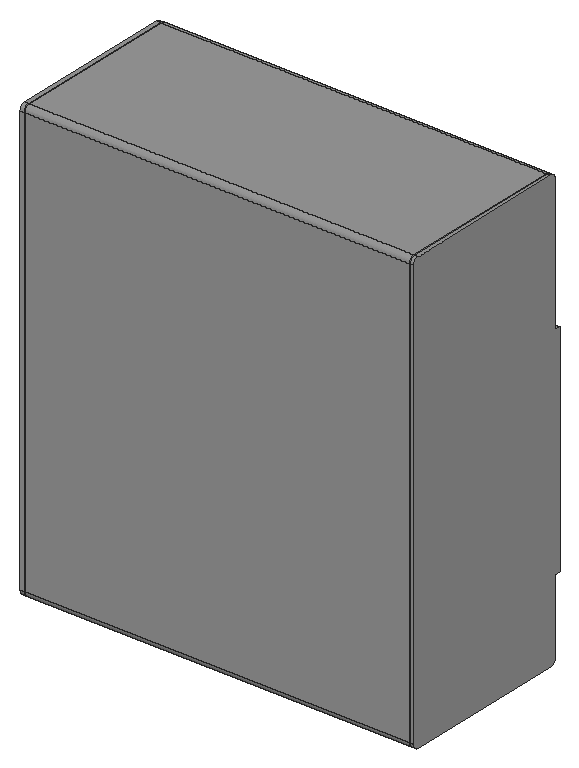
Revit family "L&L_LUCE&LIGHT_PASITO_1.0", category Lighting Fixtures, host Wall, Revit 2018 (continued)
Types (2, lengths in mm): name | Photometric Web File | built-in parameter 1150142
    5 130.26 \r\n133.28 136.21 139.34 142.55 145.45 147.94 150.12 151.86 \r\n153.23 154.66 156.40 158.35 160.48 162.80 165.27 167.78 \r\n170.36 173.10 175.88 178.65 181.43 184.22 186.89 189.08 \r\n190.46 190.70 189.94 189.10 189.24 190.21 190.22 188.54 \r\n183.41 166.82 139.31 106.90 74.90 47.08 25.48 11.05 6.36 \r\n5.67 5.17 4.80 4.59 4.35 4.10 3.74 3.47 3.37 3.29 3.21 \r\n3.07 2.91 2.74 2.60 2.48 2.38 2.28 2.19 2.11 2.03 1.95 \r\n1.88 1.81 1.75 1.68 1.62 1.55 1.49 1.43 1.36 1.30 1.24 \r\n1.19 1.14 1.09 1.04 1.00 0.96 0.92 0.88 0.85 0.82 0.79 \r\n0.77 0.74 0.72 0.69 0.68 0.66 0.64 0.62 0.61 0.59 0.58 \r\n0.56 0.55 0.54 0.53 0.51 0.50 0.49 0.48 0.46 0.45 0.44 \r\n0.43 0.42 0.41 0.40 0.38 0.37 0.36 0.35 0.34 0.33 0.32 \r\n0.31 0.30 0.29 0.28 0.27 0.26 0.25 0.24 0.24 0.23 0.21 \r\n0.18 0.12 0.05 0.01 0.00 \r\n0.00 0.00 0.01 0.02 0.04 0.08 0.14 0.17 0.18 0.20 0.22 \r\n0.25 0.28 0.32 0.39 0.49 0.60 0.72 0.88 1.05 1.24 1.51 \r\n1.80 2.43 4.24 14.06 40.52 72.19 87.91 97.36 102.17 \r\n103.47 104.14 104.85 106.34 108.66 111.16 113.38 115.57 \r\n117.21 119.06 121.62 124.56 127.64 130.90 134.03 137.14 \r\n140.34 143.58 147.04 150.81 154.51 158.14 161.75 164.93 \r\n167.54 169.77 171.97 174.51 177.51 180.73 184.10 187.63 \r\n191.23 194.71 198.10 201.43 204.78 208.06 211.14 213.87 \r\n216.08 217.62 218.52 218.99 219.42 219.98 220.06 217.96 \r\n211.43 200.02 182.09 156.94 122.38 83.81 47.36 19.49 \r\n14.05 11.64 8.80 5.49 5.23 4.88 4.55 4.24 4.01 3.79 3.56 \r\n3.38 3.25 3.08 2.88 2.69 2.53 2.40 2.30 2.20 2.12 2.04 \r\n1.96 1.88 1.80 1.73 1.65 1.57 1.51 1.44 1.37 1.31 1.25 \r\n1.19 1.13 1.08 1.03 0.99 0.95 0.91 0.88 0.84 0.81 0.78 \r\n0.76 0.73 0.71 0.69 0.67 0.65 0.64 0.62 0.60 0.59 0.58 \r\n0.56 0.55 0.54 0.52 0.51 0.50 0.49 0.48 0.47 0.46 0.44 \r\n0.43 0.42 0.41 0.40 0.39 0.37 0.36 0.35 0.34 0.33 0.32 \r\n0.31 0.30 0.29 0.28 0.27 0.26 0.26 0.25 0.24 0.23 0.22 \r\n0.20 0.16 0.11 0.04 0.01 0.00 \r\n0.00 0.00 0.01 0.02 0.03 0.06 0.11 0.16 0.18 0.19 0.20 \r\n0.22 0.25 0.27 0.31 0.37 0.45 0.55 0.66 0.79 0.94 1.09 \r\n1.21 1.54 1.80 2.40 3.36 11.17 29.12 56.84 83.80 97.60 \r\n106.03 110.61 112.69 114.00 114.34 115.21 117.52 120.33 \r\n122.49 124.66 127.62 130.71 133.80 137.72 142.05 146.29 \r\n150.36 154.37 158.38 162.78 166.84 171.03 175.16 179.20 \r\n182.82 187.61 191.78 195.72 199.38 202.95 206.57 210.30 \r\n214.12 217.86 221.52 225.15 228.90 232.84 236.94 240.82 \r\n244.04 246.18 246.77 246.42 246.25 247.44 249.07 248.81 \r\n246.75 241.14 224.58 187.35 141.67 95.68 57.79 37.56 \r\n23.54 14.55 6.19 5.76 5.26 4.90 4.46 4.15 3.87 3.62 3.37 \r\n3.07 2.83 2.67 2.55 2.44 2.31 2.20 2.09 1.98 1.89 1.80 \r\n1.73 1.66 1.59 1.52 1.44 1.37 1.30 1.24 1.18 1.12 1.07 \r\n1.02 0.98 0.94 0.90 0.86 0.83 0.81 0.78 0.76 0.73 0.71 \r\n0.69 0.67 0.66 0.64 0.63 0.61 0.60 0.58 0.57 0.56 0.55 \r\n0.53 0.52 0.51 0.50 0.49 0.48 0.46 0.45 0.44 0.43 0.42 \r\n0.40 0.39 0.38 0.37 0.36 0.35 0.34 0.33 0.32 0.31 0.30 \r\n0.29 0.28 0.27 0.26 0.25 0.25 0.24 0.23 0.23 0.22 0.19 \r\n0.15 0.09 0.04 0.01 0.00 \r\n0.00 0.00 0.01 0.01 0.02 0.04 0.07 0.12 0.16 0.18 0.19 \r\n0.20 0.22 0.25 0.27 0.30 0.34 0.40 0.48 0.57 0.67 0.79 \r\n0.95 1.08 1.30 1.48 1.69 2.16 2.98 4.30 12.17 27.35 53.62 \r\n81.96 98.76 109.23 116.20 121.09 124.83 126.13 126.75 \r\n129.17 131.14 133.65 137.44 141.22 145.04 148.98 153.21 \r\n157.86 162.95 168.11 173.06 177.80 181.67 187.00 191.07 \r\n195.88 200.82 205.94 211.08 216.10 220.85 225.35 229.78 \r\n234.29 238.98 243.79 248.70 253.77 259.03 264.34 269.42 \r\n274.02 278.12 282.14 286.70 292.57 297.98 301.43 301.45 \r\n298.21 281.73 252.98 216.26 175.02 132.67 91.73 56.10 \r\n27.72 7.37 6.66 5.94 5.22 4.38 4.03 3.70 3.37 3.03 2.72 \r\n2.53 2.36 2.19 2.02 1.93 1.84 1.76 1.67 1.56 1.46 1.40 \r\n1.36 1.33 1.29 1.23 1.17 1.11 1.05 1.00 0.96 0.92 0.89 \r\n0.86 0.83 0.80 0.78 0.75 0.73 0.71 0.69 0.67 0.66 0.64 \r\n0.63 0.62 0.60 0.59 0.58 0.57 0.55 0.54 0.53 0.52 0.51 \r\n0.50 0.49 0.48 0.47 0.45 0.44 0.43 0.42 0.41 0.40 0.39 \r\n0.37 0.37 0.36 0.35 0.34 0.33 0.32 0.31 0.30 0.29 0.28 \r\n0.27 0.26 0.25 0.25 0.24 0.23 0.23 0.22 0.20 0.17 0.13 \r\n0.07 0.03 0.01 0.00 \r\n0.00 0.00 0.01 0.01 0.02 0.03 0.04 0.07 0.11 0.15 0.17 \r\n0.19 0.20 0.21 0.24 0.26 0.29 0.32 0.35 0.40 0.47 0.54 \r\n0.62 0.74 0.86 0.97 1.14 1.33 1.52 1.75 2.11 2.87 2.94 \r\n7.59 16.45 28.96 52.11 77.44 101.16 112.34 122.16 130.28 \r\n136.31 141.47 144.79 147.43 150.30 153.60 157.20 161.00 \r\n161.97 164.85 169.54 174.58 179.93 185.72 195.58 201.79 \r\n207.84 213.61 219.30 224.96 233.09 239.67 246.65 251.38 \r\n258.49 265.70 273.05 280.76 289.00 297.92 307.55 317.73 \r\n327.91 337.86 347.27 355.88 363.92 371.29 377.55 381.93 \r\n383.66 378.07 360.45 326.59 272.33 202.77 128.58 70.69 \r\n17.51 14.58 11.67 8.13 5.66 3.86 3.48 3.09 2.71 2.34 2.17 \r\n2.03 1.90 1.75 1.64 1.57 1.50 1.43 1.35 1.29 1.24 1.19 \r\n1.13 1.08 1.05 1.01 0.97 0.92 0.88 0.84 0.81 0.78 0.76 \r\n0.74 0.72 0.70 0.68 0.66 0.64 0.63 0.61 0.60 0.59 0.57 \r\n0.56 0.55 0.54 0.53 0.52 0.51 0.50 0.49 0.48 0.47 0.46 \r\n0.46 0.45 0.44 0.42 0.41 0.40 0.39 0.38 0.37 0.36 0.35 \r\n0.34 0.33 0.32 0.32 0.31 0.30 0.29 0.28 0.27 0.27 0.26 \r\n0.25 0.24 0.23 0.23 0.23 0.22 0.21 0.18 0.15 0.10 0.05 \r\n0.02 0.01 0.00 \r\n0.00 0.00 0.01 0.01 0.01 0.02 0.02 0.04 0.05 0.08 0.12 \r\n0.15 0.18 0.20 0.21 0.23 0.24 0.27 0.29 0.32 0.34 0.38 \r\n0.42 0.47 0.52 0.62 0.70 0.84 0.94 1.08 1.24 1.40 1.54 \r\n1.81 2.14 2.73 4.16 5.13 11.12 19.57 29.80 49.53 73.10 \r\n99.04 118.35 127.32 133.77 138.06 142.06 145.92 149.48 \r\n152.74 156.27 159.62 163.19 167.54 171.76 176.64 182.10 \r\n187.87 193.77 200.44 207.70 215.47 223.58 232.32 241.57 \r\n251.29 261.70 273.06 286.41 301.44 318.05 335.76 354.03 \r\n372.04 406.31 423.04 441.76 466.01 499.27 544.92 597.97 \r\n643.25 665.05 648.02 579.75 469.05 337.70 207.63 100.63 \r\n62.23 36.15 19.34 8.83 3.55 3.23 2.91 2.60 2.27 2.08 1.96 \r\n1.85 1.73 1.62 1.54 1.46 1.38 1.30 1.22 1.16 1.10 1.04 \r\n0.99 0.93 0.87 0.83 0.80 0.77 0.74 0.71 0.68 0.66 0.64 \r\n0.62 0.60 0.59 0.57 0.56 0.55 0.53 0.52 0.51 0.51 0.50 \r\n0.49 0.48 0.47 0.46 0.45 0.45 0.44 0.43 0.43 0.42 0.41 \r\n0.40 0.39 0.38 0.37 0.36 0.36 0.35 0.34 0.33 0.32 0.32 \r\n0.31 0.30 0.29 0.29 0.28 0.27 0.26 0.26 0.25 0.24 0.24 \r\n0.23 0.23 0.22 0.21 0.20 0.17 0.15 0.11 0.07 0.04 0.02 \r\n0.01 0.00 \r\n0.00 0.00 0.00 0.01 0.01 0.01 0.02 0.02 0.03 0.03 0.05 \r\n0.07 0.09 0.12 0.15 0.18 0.21 0.23 0.25 0.27 0.29 0.31 \r\n0.33 0.36 0.39 0.41 0.44 0.49 0.55 0.59 0.69 0.78 0.88 \r\n1.00 1.13 1.27 1.42 1.58 1.78 2.07 2.42 2.81 4.84 6.06 \r\n9.94 12.99 14.50 15.32 17.24 19.01 19.04 18.01 17.15 \r\n16.59 17.96 20.12 20.64 21.70 22.92 23.49 23.88 25.82 \r\n27.89 29.35 30.39 32.56 35.50 38.34 41.16 44.25 51.60 \r\n61.08 61.98 75.11 89.33 103.98 120.70 138.37 156.77 \r\n177.16 201.15 229.97 260.80 287.06 301.30 295.59 263.77 \r\n210.58 146.55 83.06 31.79 21.74 14.42 9.20 5.49 3.05 2.83 \r\n2.61 2.39 2.18 2.00 1.89 1.78 1.67 1.56 1.47 1.39 1.29 \r\n1.20 1.10 1.00 0.92 0.86 0.82 0.78 0.73 0.69 0.66 0.63 \r\n0.60 0.58 0.55 0.53 0.51 0.50 0.48 0.47 0.46 0.45 0.44 \r\n0.43 0.42 0.42 0.41 0.41 0.40 0.40 0.39 0.39 0.38 0.38 \r\n0.37 0.37 0.36 0.36 0.35 0.35 0.34 0.34 0.33 0.32 0.32 \r\n0.31 0.30 0.30 0.29 0.28 0.28 0.27 0.26 0.26 0.25 0.25 \r\n0.24 0.24 0.23 0.23 0.22 0.22 0.20 0.19 0.17 0.15 0.13 \r\n0.10 0.08 0.05 0.03 0.01 0.01 0.00 \r\n0.00 0.00 0.00 0.00 0.01 0.01 0.01 0.01 0.02 0.02 0.02 \r\n0.02 0.03 0.04 0.06 0.07 0.09 0.11 0.13 0.15 0.18 0.20 \r\n0.23 0.25 0.28 0.30 0.32 0.34 0.35 0.38 0.41 0.47 0.49 \r\n0.55 0.60 0.66 0.66 0.79 0.87 0.95 1.04 1.13 1.24 1.35 \r\n1.47 1.60 1.73 1.87 2.01 2.16 2.31 2.46 2.62 2.78 3.00 \r\n3.21 3.37 3.58 3.79 4.01 4.22 4.45 4.68 4.89 5.08 5.24 \r\n5.39 5.55 5.68 5.79 6.04 6.32 6.61 6.88 7.16 7.49 8.29 \r\n9.38 10.59 11.94 13.45 15.12 16.81 18.21 18.95 18.64 \r\n16.98 14.20 10.82 7.45 4.48 4.08 3.68 2.84 2.77 2.54 2.39 \r\n2.24 2.10 1.96 1.82 1.68 1.55 1.42 1.29 1.18 1.07 0.98 \r\n0.89 0.81 0.75 0.69 0.64 0.60 0.56 0.52 0.49 0.47 0.44 \r\n0.42 0.40 0.39 0.37 0.36 0.35 0.34 0.33 0.33 0.32 0.32 \r\n0.31 0.31 0.30 0.30 0.30 0.30 0.30 0.30 0.30 0.30 0.29 \r\n0.29 0.29 0.29 0.29 0.28 0.28 0.28 0.28 0.27 0.27 0.27 \r\n0.26 0.26 0.26 0.25 0.25 0.25 0.24 0.24 0.23 0.23 0.22 \r\n0.21 0.20 0.19 0.18 0.16 0.15 0.13 0.11 0.10 0.09 0.07 \r\n0.06 0.05 0.03 0.02 0.01 0.01 0.00 \r\n0.00 0.00 0.00 0.00 0.00 0.00 0.01 0.01 0.01 0.01 0.01 \r\n0.01 0.02 0.02 0.02 0.02 0.02 0.02 0.03 0.03 0.04 0.05 \r\n0.05 0.05 0.06 0.07 0.08 0.10 0.12 0.13 0.14 0.16 0.17 \r\n0.20 0.23 0.29 0.31 0.30 0.38 0.45 0.38 0.49 0.49 0.57 \r\n0.61 0.66 0.70 0.75 0.81 0.87 0.94 1.00 1.07 1.14 1.21 \r\n1.30 1.39 1.49 1.59 1.71 1.84 1.98 2.12 2.26 2.40 2.53 \r\n2.63 2.71 2.78 2.83 2.54 2.78 3.07 2.96 2.97 2.97 2.94 \r\n2.90 2.85 2.80 2.74 2.68 2.62 2.57 2.51 2.45 2.38 2.31 \r\n2.23 2.14 2.12 2.01 1.89 1.80 1.66 1.58 1.47 1.37 1.27 \r\n1.17 1.07 0.97 0.87 0.78 0.70 0.62 0.56 0.50 0.46 0.42 \r\n0.39 0.36 0.33 0.31 0.29 0.27 0.25 0.24 0.23 0.22 0.21 \r\n0.21 0.20 0.19 0.19 0.18 0.18 0.18 0.17 0.17 0.17 0.17 \r\n0.17 0.17 0.16 0.16 0.16 0.16 0.17 0.17 0.17 0.17 0.17 \r\n0.17 0.17 0.17 0.17 0.17 0.17 0.17 0.17 0.17 0.16 0.16 \r\n0.15 0.15 0.14 0.14 0.13 0.12 0.12 0.11 0.10 0.09 0.09 \r\n0.08 0.07 0.06 0.05 0.05 0.05 0.04 0.04 0.03 0.03 0.02 \r\n0.02 0.01 0.01 0.01 0.00 \r\n0.00 0.00 0.00 0.00 0.00 0.00 0.00 0.00 0.00 0.00 0.00 \r\n0.00 0.00 0.00 0.00 0.00 0.00 0.00 0.00 0.00 0.00 0.00 \r\n0.00 0.01 0.01 0.01 0.01 0.01 0.01 0.01 0.01 0.01 0.01 \r\n0.02 0.02 0.02 0.01 0.03 0.03 0.04 0.04 0.05 0.04 0.05 \r\n0.06 0.06 0.07 0.07 0.08 0.09 0.09 0.10 0.10 0.11 0.11 \r\n0.12 0.13 0.15 0.16 0.18 0.19 0.21 0.22 0.23 0.25 0.26 \r\n0.27 0.28 0.29 0.30 0.31 0.31 0.31 0.32 0.32 0.32 0.32 \r\n0.32 0.32 0.31 0.31 0.09 0.12 0.14 0.16 0.15 0.12 0.08 \r\n0.27 0.26 0.25 0.09 0.15 0.17 0.17 0.15 0.14 0.14 0.13 \r\n0.12 0.11 0.11 0.10 0.09 0.08 0.08 0.07 0.07 0.06 0.06 \r\n0.05 0.05 0.05 0.04 0.04 0.04 0.04 0.03 0.03 0.03 0.03 \r\n0.03 0.03 0.03 0.02 0.02 0.02 0.02 0.02 0.02 0.02 0.02 \r\n0.02 0.02 0.02 0.02 0.02 0.02 0.02 0.02 0.02 0.02 0.02 \r\n0.02 0.02 0.02 0.02 0.02 0.02 0.02 0.02 0.02 0.02 0.02 \r\n0.02 0.02 0.02 0.01 0.01 0.01 0.01 0.01 0.01 0.01 0.01 \r\n0.01 0.01 0.01 0.01 0.01 0.01 0.01 0.01 0.01 0.01 0.01 \r\n0.01 0.01 0.01 0.01 0.00 \r\n"
